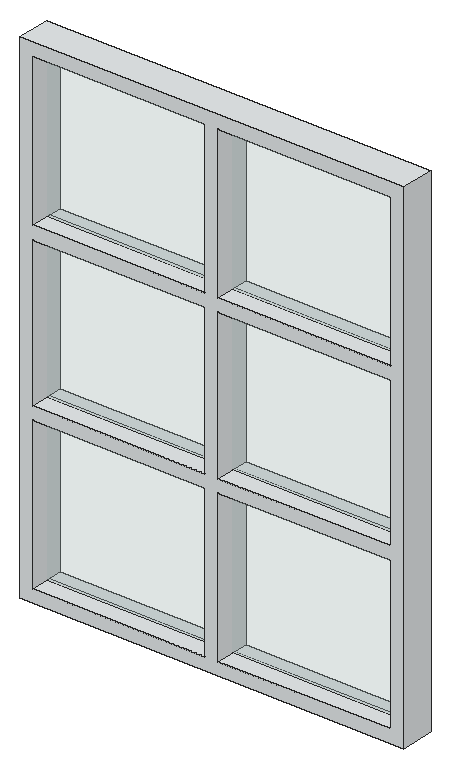
Revit family "CT_Janela_Painel_6Vid", category Windows, host Wall, Revit 2025
Family settings
  Host = Wall
  OmniClass Number = 23.30.20.00
  OmniClass Title = Windows
  Always vertical = Yes
  Cut with Voids When Loaded = No
  Shared = No
  Room Calculation Point = Yes
Parameters (values of type "JAN_FAC_6PA_SIM")
  Material_Vidro = CT_Vidros
  Material_Esquadria = CT_Esquadrias_Aluminio
  Height = 2.950 m
  Espess_Esquadria = 0.075 m
  Define Thermal Properties by = Schematic Type
  Default Sill Height = 0.800 m
  Wall Closure = By host
  Width = 2.250 m
  Analytic Construction = "<None>"
  Alt_Bandeira_Sup = 1.000 m
  Alt_Bandeira_Inf = 1.000 m
Reference planes (m)
  plane 1 "Center (Front/Back)": y = 0
  plane 2 "Center (Left/Right)": x = 0
  plane 3 "Left": x = -1.125
  plane 4 "Right": x = 1.125
  plane 5 "Sill": z = 0.8
  plane 6 "Head": z = 3.75
  plane 7 "Exterior": y = 0.1
  plane 8 "Interior": y = -0.1
  plane 9: z = 2.75
  plane 10: z = 1.8
Forms (m)
  Extrusion 1, solid, material "CT_Esquadrias_Aluminio" <- "Material_Esquadria"
    sketch origin (0, 0.1, 0) x (1, 0, 0) y (0, 0, 1)
      loop
        line (1.125, 3.75) -> (-1.125, 3.75) -> (-1.125, 0.8) -> (1.125, 0.8) -> (1.125, 3.75)
      loop
        line (1.05, 3.675) -> (0.0375, 3.675) -> (0.0375, 2.7875) -> (1.05, 2.7875) -> (1.05, 3.675)
      loop
        line (1.05, 0.875) -> (1.05, 1.7625) -> (0.0375, 1.7625) -> (0.0375, 0.875) -> (1.05, 0.875)
      loop
        line (-1.05, 0.875) -> (-0.0375, 0.875) -> (-0.0375, 1.7625) -> (-1.05, 1.7625) -> (-1.05, 0.875)
      loop
        line (-1.05, 3.675) -> (-1.05, 2.7875) -> (-0.0375, 2.7875) -> (-0.0375, 3.675) -> (-1.05, 3.675)
      loop
        line (-1.05, 2.7125) -> (-1.05, 1.8375) -> (-0.0375, 1.8375) -> (-0.0375, 2.7125) -> (-1.05, 2.7125)
      loop
        line (0.0375, 2.7125) -> (0.0375, 1.8375) -> (1.05, 1.8375) -> (1.05, 2.7125) -> (0.0375, 2.7125)
    from 0 to 0.2
  Extrusion 2, solid, material "CT_Vidros" <- "Material_Vidro"
    sketch origin (0, 0.1, 0) x (1, 0, 0) y (0, 0, 1)
      loop
        line (1.05, 3.675) -> (0.0375, 3.675) -> (0.0375, 2.7875) -> (1.05, 2.7875) -> (1.05, 3.675)
      loop
        line (-0.0375, 2.7875) -> (-0.0375, 3.675) -> (-1.05, 3.675) -> (-1.05, 2.7875) -> (-0.0375, 2.7875)
      loop
        line (-0.0375, 2.7125) -> (-1.05, 2.7125) -> (-1.05, 1.8375) -> (-0.0375, 1.8375) -> (-0.0375, 2.7125)
      loop
        line (1.05, 2.7125) -> (0.0375, 2.7125) -> (0.0375, 1.8375) -> (1.05, 1.8375) -> (1.05, 2.7125)
      loop
        line (1.05, 1.7625) -> (0.0375, 1.7625) -> (0.0375, 0.875) -> (1.05, 0.875) -> (1.05, 1.7625)
      loop
        line (-0.0375, 1.7625) -> (-1.05, 1.7625) -> (-1.05, 0.875) -> (-0.0375, 0.875) -> (-0.0375, 1.7625)
    from 0.081039 to 0.1
Lines and regions (m)
  Opening 1
    outline origin (3.5, -0.1, 0) x (1, 0, 0) y (0, 0, 1)
      loop
        line (-2.375, 0.8) -> (-2.375, 3.75) -> (-4.625, 3.75) -> (-4.625, 0.8) -> (-2.375, 0.8)
Text (m)
  text "EXTERIOR" at (-1.963203, 1.332353, 0), in view "Ref. Level"
  text "INTERIOR" at (-1.981466, -0.818386, 0), in view "Ref. Level"
  text "Exterior" at (0, 0.923751, 2.943296), in view "Right"
  text "Exterior" at (0, 1.040484, 2.685409), in view "Left"
Dimensions and locks (m)
  equal spacing: plane 3 "Left", plane 2 "Center (Left/Right)", plane 4 "Right"
  "Width": plane 3 "Left" to plane 4 "Right"
  "Height": plane 5 "Sill" to plane 6 "Head"
  "Default Sill Height": plane 5 "Sill" to level
  locked: plane 7 "Exterior" to host wall
  locked: plane 8 "Interior" to host wall
  "Alt_Bandeira_Sup": plane 9 to plane 6 "Head"
  "Alt_Bandeira_Inf": plane 5 "Sill" to plane 10
  Extrusion 1 to Extrusion 1 = 0.075 m
  equal spacing: Extrusion 1 sketch curve, plane 2 "Center (Left/Right)", Extrusion 1 sketch curve
  equal spacing: Extrusion 1 sketch curve, plane 9, Extrusion 1 sketch curve
  equal spacing: Extrusion 1 sketch curve, plane 10, Extrusion 1 sketch curve
  Extrusion 1 sketch curve to Extrusion 1 sketch curve = 0.075 m  (x2)
  "Espess_Esquadria": Extrusion 1 sketch curve to Extrusion 1 sketch curve  (x7)
  Extrusion 1 to Extrusion 2 = 0.100 m
  locked: Extrusion 2 to Extrusion 2 at 0.018961
  aligned and locked: Extrusion 1 sketch curve to Extrusion 1 sketch curve  (x14)
  aligned and locked: plane 3 "Left" to Extrusion 1
  aligned and locked: Extrusion 1 to plane 4 "Right"
  aligned and locked: Extrusion 2 sketch curve to Extrusion 1  (x24)
  aligned and locked: host wall to Extrusion 1  (x2)
  aligned and locked: Extrusion 2 to host wall
Automatic sketch dimensions
  Opening 1 sketch curve to plane 3 "Left" = 0.000 m
  Opening 1 sketch curve to plane 4 "Right" = 0.000 m
  Opening 1 sketch curve to plane 5 "Sill" = 0.000 m
  Opening 1 sketch curve to plane 6 "Head" = 0.000 m
  plane 9 to Extrusion 2 sketch curve = 0.0375 m
  Extrusion 1 sketch curve to plane 3 "Left" = 0.000 m
  Extrusion 1 sketch curve to plane 4 "Right" = 0.000 m
  Extrusion 1 sketch curve to plane 5 "Sill" = 0.000 m
  Extrusion 1 sketch curve to plane 6 "Head" = 0.000 m
